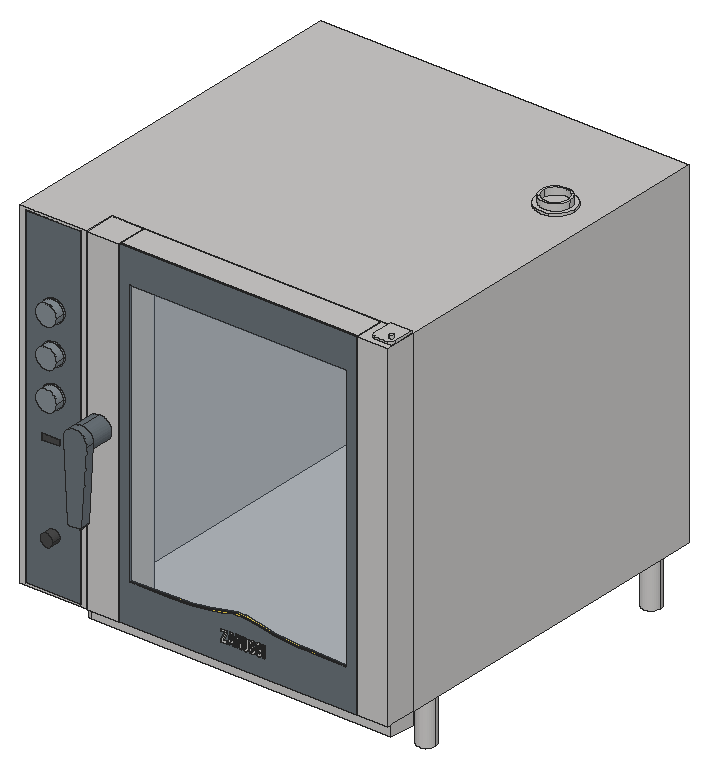
Revit family "QF_ZANUSSI_240454_ZFCE11CSDS", category Specialty Equipment, Revit 2023 (continued)
Definition of nested family "ZAN_DOOR_CROSSWISE_H820"
  Automatic sketch dimensions
    plane 9 to Extrusion 14 sketch curve = 57.166 mm
    plane 16 to Extrusion 14 sketch curve = 93.896 mm
    Extrusion 14 sketch curve to Extrusion 14 sketch curve = 0.343 mm
    Extrusion 14 sketch curve to Extrusion 14 sketch curve = 0.346 mm
    Extrusion 14 sketch curve to Extrusion 14 sketch curve = 1.209 mm
    Extrusion 14 sketch curve to Extrusion 14 sketch curve = 5.816 mm  (x2)
    Extrusion 14 sketch curve to Extrusion 14 sketch curve = 5.779 mm
    Extrusion 14 sketch curve to Extrusion 14 sketch curve = 5.783 mm
    Extrusion 15 sketch curve to Extrusion 15 sketch curve = 0 mm  (x13)
    Extrusion 15 sketch curve to plane 9 = 0 mm
    plane 13 to Extrusion 15 sketch curve = 0 mm
    Extrusion 15 sketch curve to plane 4 "Top" = 59.547 mm  (x2)
    plane 8 to Extrusion 15 sketch curve = 0.808 mm  (x2)
    plane 17 to Extrusion 15 sketch curve = 113.011 mm  (x2)
    Extrusion 15 sketch curve to Extrusion 15 sketch curve = 0.173 mm  (x2)
    Extrusion 15 sketch curve to Extrusion 15 sketch curve = 19.857 mm  (x2)
    Extrusion 15 sketch curve to Extrusion 15 sketch curve = 19.97 mm  (x2)
    plane 16 to Extrusion 15 sketch curve = 75.313 mm  (x2)
    Extrusion 15 sketch curve to Extrusion 15 sketch curve = 0.426 mm  (x2)
    Extrusion 15 sketch curve to Extrusion 15 sketch curve = 2.497 mm  (x2)
    Extrusion 15 sketch curve to Extrusion 15 sketch curve = 2.422 mm  (x2)
    plane 16 to Extrusion 15 sketch curve = 72.277 mm  (x2)
    plane 5 "Feet" to Extrusion 15 sketch curve = 14.106 mm
    Extrusion 15 sketch curve to Extrusion 15 sketch curve = 14.485 mm
    Extrusion 15 sketch curve to Extrusion 15 sketch curve = 15.571 mm
    Extrusion 15 sketch curve to level = 90.354 mm
    plane 13 to Extrusion 15 sketch curve = 172.943 mm
    Extrusion 15 sketch curve to Extrusion 15 sketch curve = 250.632 mm
    plane 13 to Extrusion 15 sketch curve = 38.728 mm
    plane 13 to Extrusion 15 sketch curve = 66.611 mm
    Extrusion 15 sketch curve to Extrusion 15 sketch curve = 79.596 mm
    Extrusion 15 sketch curve to Extrusion 15 sketch curve = 14.39 mm
    Extrusion 15 sketch curve to Extrusion 15 sketch curve = 0.048 mm  (x2)
    plane 13 to Extrusion 15 sketch curve = 105.804 mm
    Extrusion 15 sketch curve to Extrusion 15 sketch curve = 1.078 mm  (x2)
    Extrusion 15 sketch curve to Extrusion 15 sketch curve = 1.817 mm
    Extrusion 15 sketch curve to Extrusion 15 sketch curve = 0.955 mm  (x2)
    Extrusion 15 sketch curve to Extrusion 15 sketch curve = 20.088 mm
    Extrusion 15 sketch curve to Extrusion 15 sketch curve = 0.061 mm  (x2)
    plane 13 to Extrusion 15 sketch curve = 221.698 mm
    Extrusion 15 sketch curve to Extrusion 15 sketch curve = 28.998 mm
    Extrusion 15 sketch curve to Extrusion 15 sketch curve = 2.06 mm
    Extrusion 15 sketch curve to Extrusion 15 sketch curve = 0.191 mm
    Extrusion 15 sketch curve to Extrusion 15 sketch curve = 0.669 mm
    Extrusion 15 sketch curve to Extrusion 15 sketch curve = 1.051 mm
    Extrusion 15 sketch curve to Extrusion 15 sketch curve = 5.17 mm
    Extrusion 15 sketch curve to Extrusion 15 sketch curve = 63.165 mm
    Extrusion 15 sketch curve to Extrusion 15 sketch curve = 160.676 mm
    plane 9 to Extrusion 15 sketch curve = 132.574 mm
    plane 9 to Extrusion 15 sketch curve = 126.275 mm
    Extrusion 15 sketch curve to Extrusion 15 sketch curve = 0.216 mm
    Extrusion 15 sketch curve to Extrusion 15 sketch curve = 20.101 mm
    Extrusion 15 sketch curve to Extrusion 15 sketch curve = 14.439 mm
    plane 9 to Extrusion 15 sketch curve = 85.049 mm
    plane 9 to Extrusion 15 sketch curve = 57.166 mm
    plane 16 to Extrusion 15 sketch curve = 93.896 mm
    Extrusion 15 sketch curve to Extrusion 15 sketch curve = 0.343 mm
    Extrusion 15 sketch curve to Extrusion 15 sketch curve = 0.346 mm
    Extrusion 15 sketch curve to Extrusion 15 sketch curve = 1.209 mm
    Extrusion 15 sketch curve to Extrusion 15 sketch curve = 2.747 mm
    Extrusion 15 sketch curve to Extrusion 15 sketch curve = 2.745 mm  (x2)
    Extrusion 15 sketch curve to Extrusion 15 sketch curve = 2.666 mm
    Extrusion 15 sketch curve to Extrusion 15 sketch curve = 2.667 mm
    Extrusion 15 sketch curve to Extrusion 15 sketch curve = 5.816 mm  (x2)
    Extrusion 15 sketch curve to Extrusion 15 sketch curve = 2.231 mm
    Extrusion 15 sketch curve to Extrusion 15 sketch curve = 5.779 mm
    Extrusion 15 sketch curve to Extrusion 15 sketch curve = 5.783 mm
    Extrusion 15 sketch curve to Extrusion 15 sketch curve = 2.602 mm
    Extrusion 15 sketch curve to Extrusion 15 sketch curve = 2.603 mm
    Extrusion 2 sketch curve to plane 4 "Top" = 0 mm
    Extrusion 2 sketch curve to plane 8 = 0 mm
    Extrusion 2 sketch curve to plane 9 = 0 mm
    Extrusion 2 sketch curve to plane 5 "Feet" = 0 mm
    plane 8 to Extrusion 2 sketch curve = 0.808 mm  (x2)
    plane 17 to Extrusion 2 sketch curve = 113.011 mm  (x2)
    Extrusion 2 sketch curve to Extrusion 2 sketch curve = 40 mm  (x2)
    plane 16 to Extrusion 2 sketch curve = 72.816 mm
    Extrusion 2 sketch curve to Extrusion 2 sketch curve = 0.351 mm  (x2)
    plane 16 to Extrusion 2 sketch curve = 72.277 mm
    Extrusion 2 sketch curve to Extrusion 2 sketch curve = 0.187 mm  (x2)
    plane 5 "Feet" to Extrusion 2 sketch curve = 51.274 mm
    Extrusion 2 sketch curve to Extrusion 2 sketch curve = 0 mm  (x5)
    Extrusion 2 sketch curve to Extrusion 2 sketch curve = 15.473 mm
    plane 9 to Extrusion 2 sketch curve = 191.381 mm
    Extrusion 2 sketch curve to level = 340.986 mm
    plane 15 to Extrusion 2 sketch curve = 0 mm
    plane 13 to Extrusion 2 sketch curve = 66.611 mm
    plane 13 to Extrusion 2 sketch curve = 79.596 mm
    Extrusion 2 sketch curve to Extrusion 2 sketch curve = 14.439 mm  (x2)
    plane 13 to Extrusion 2 sketch curve = 107.621 mm
    Extrusion 2 sketch curve to Extrusion 2 sketch curve = 0.216 mm  (x2)
    Extrusion 2 sketch curve to Extrusion 2 sketch curve = 20.101 mm  (x2)
    Extrusion 2 sketch curve to Extrusion 2 sketch curve = 160.676 mm
    Extrusion 2 sketch curve to Extrusion 2 sketch curve = 137.516 mm
    Extrusion 2 sketch curve to Extrusion 2 sketch curve = 1.285 mm
    Extrusion 2 sketch curve to Extrusion 2 sketch curve = 0.691 mm
    Extrusion 2 sketch curve to Extrusion 2 sketch curve = 3.257 mm
    plane 9 to Extrusion 2 sketch curve = 132.574 mm
    plane 9 to Extrusion 2 sketch curve = 126.275 mm
    plane 9 to Extrusion 2 sketch curve = 85.049 mm
    Extrusion 2 sketch curve to plane 14 = 0 mm
    plane 16 to Extrusion 2 sketch curve = 90.843 mm
    Extrusion 2 sketch curve to Extrusion 2 sketch curve = 0.408 mm
    Extrusion 2 sketch curve to Extrusion 2 sketch curve = 0.411 mm
    Extrusion 2 sketch curve to Extrusion 2 sketch curve = 0.755 mm
    Extrusion 2 sketch curve to Extrusion 2 sketch curve = 0.758 mm
    Extrusion 2 sketch curve to Extrusion 2 sketch curve = 5.38 mm
    Extrusion 2 sketch curve to Extrusion 2 sketch curve = 6.15 mm
    Extrusion 2 sketch curve to Extrusion 2 sketch curve = 6.154 mm
    plane 13 to Extrusion 2 sketch curve = 0 mm
    plane 17 to Extrusion 14 sketch curve = 112.838 mm  (x2)
    Extrusion 14 sketch curve to level = 90.354 mm
    Extrusion 14 sketch curve to plane 3 "Center (Left/Right)" = 205.804 mm
    Extrusion 14 sketch curve to plane 3 "Center (Left/Right)" = 321.698 mm
    Extrusion 14 sketch curve to Extrusion 14 sketch curve = 138.871 mm
    Extrusion 14 sketch curve to Extrusion 14 sketch curve = 63.165 mm
    Extrusion 8 sketch curve to plane 17 = 0 mm
    Extrusion 8 sketch curve to plane 18 = 0 mm
    plane 18 to Extrusion 8 sketch curve = 11.817 mm
    Extrusion 8 sketch curve to Extrusion 8 sketch curve = 4.988 mm
    Extrusion 8 sketch curve to plane 17 = 1.756 mm
    Extrusion 8 sketch curve to plane 12 = 19.055 mm
    Extrusion 8 sketch curve to plane 18 = 11.817 mm
    Extrusion 8 sketch curve to Extrusion 8 sketch curve = 4.99 mm
    Extrusion 8 sketch curve to Extrusion 8 sketch curve = 176.899 mm
    Extrusion 8 sketch curve to Extrusion 8 sketch curve = 0 mm
    Extrusion 8 sketch curve to Extrusion 8 sketch curve = 0.313 mm
    Extrusion 8 sketch curve to plane 11 = 0.013 mm
    plane 1 "Center (Front/Back)" to curve 5 = 0 mm
    curve 8 to plane 3 "Center (Left/Right)" = 0 mm
    curve 14 to plane 3 "Center (Left/Right)" = 2.67 mm
    curve 12 to plane 3 "Center (Left/Right)" = 12.67 mm
    curve 16 to curve 13 = 4.431 mm
    curve 15 to curve 11 = 10 mm
    curve 4 to plane 12 = 11.987 mm
    curve 3 to plane 11 = 0.013 mm
    curve 6 to plane 11 = 0.004 mm
    curve 3 to curve 2 = 74.533 mm
    curve 13 to curve 16 = 8.081 mm
    curve 10 to plane 10 = 0 mm
    plane 9 to curve 9 = 0 mm
    curve 3 to curve 1 = 20 mm
    Extrusion 13 sketch curve to plane 6 "Front" = 0 mm
    Extrusion 13 sketch curve to plane 3 "Center (Left/Right)" = 0 mm
    Extrusion 13 sketch curve to plane 3 "Center (Left/Right)" = 17.33 mm
    plane 6 "Front" to Extrusion 13 sketch curve = 22.83 mm
    plane 11 to Extrusion 13 sketch curve = 0.004 mm
    curve 15 to plane 10 = 22.33 mm
    curve 3 to plane 6 "Front" = 75 mm
    plane 6 "Front" to curve 12 = 15 mm
    curve 18 to plane 6 "Front" = 0 mm
    curve 18 to plane 3 "Center (Left/Right)" = 0 mm
    curve 18 to curve 13 = 4.66 mm
    curve 18 to curve 13 = 2.17 mm
    curve 17 to curve 7 = 672.575 mm
    plane 11 to curve 18 = 0.004 mm
    radius of Extrusion 9 sketch curve = 28 mm
    radius of Extrusion 11 sketch curve = 5 mm
    radius of curve 16 = 5 mm
